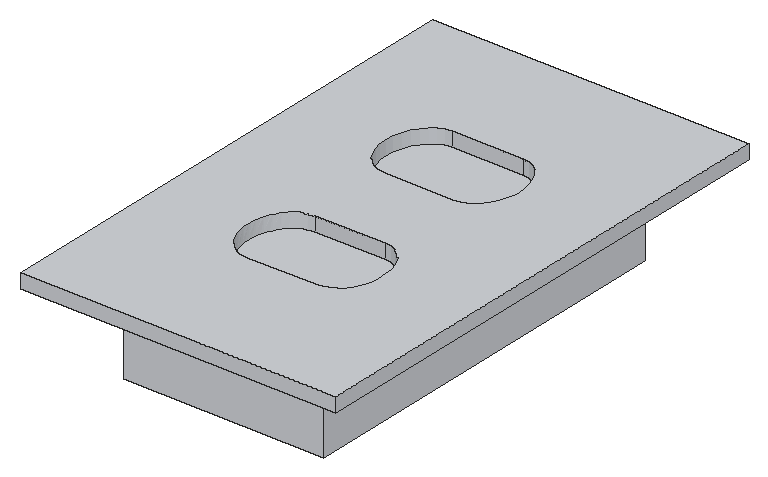
Revit family "Receptacle", category Electrical Fixtures, host Face, Revit 2025
Family settings
  Host = Face
  Round Connector Dimension = Use Diameter
  Part Type = Junction Box
  Cut with Voids When Loaded = No
  Maintain Annotation Orientation = Yes
  Shared = No
  Room Calculation Point = No
Parameters (values of type "Duplex")
  x = 0.74588"
  Width = 2 3/4"
  Symbol Distance [instance] = 0"
  Quadd = no
  Height = 4 1/2"
  er = 0.27848"
  Depth = 1/8"
  Cut Distance = 0"
  Count = 1
  Back Depth = 3/4"
  Default Elevation = 48"
  Back Width = Width - Back Margin  # 1 3/4"
  Back Margin = 1"
  Back Height = Height - Back Margin  # 3 1/2"
Types (2): name | Width | Symbol Distance | Quadd | Cut Distance | Count | Back Width
  Duplex | 2 3/4" | 0" | no | 0" | 1 | 1 3/4"
  Two Duplex | 5 1/2" | 0.14512" | yes | 1" | 2 | 4 1/2"
Reference planes (in)
  plane 1 "Center (Front/Back)": y = 0
  plane 2: z = 0
  plane 3 "Center (Left/Right)": x = 0
  plane 4: z = 0.125
  plane 5: z = -0.75
  plane 6: y = 0.75
  plane 7: x = -0.30682
  plane 8: x = 0.30682
  plane 9: y = -0.75
  plane 10: x = 0
  plane 11: y = 0.75
  plane 12: x = -0.30682
  plane 13: x = 0.30682
  plane 14: y = -0.75
  plane 15: x = 0
  plane 16: y = 0
Forms (in)
  Extrusion 1, solid
    sketch origin (0, 0, 0) x (1, 0, 0) y (0, 1, 0)
      loop
        line (-1.375, 2.25) -> (-1.375, -2.25) -> (1.375, -2.25) -> (1.375, 2.25) -> (-1.375, 2.25)
    from 0 to 0.125
  Extrusion 2, solid
    sketch origin (0, 0, 0) x (1, 0, 0) y (0, 1, 0)
      loop
        line (-0.875, 1.75) -> (-0.875, -1.75) -> (0.875, -1.75) -> (0.875, 1.75) -> (-0.875, 1.75)
    from 0 to -0.75
  Extrusion 3, void
    sketch origin (0, 0, 0) x (1, 0, 0) y (0, 1, 0)
      loop
        spline (-0.30682, 1.12294) -> (-0.3789, 1.11023) -> (-0.44606, 1.07298) -> (-0.50374, 1.01371) -> (-0.54799, 0.93647) -> (-0.57581, 0.84652) -> (-0.5853, 0.75) -> (-0.57581, 0.65348) -> (-0.54799, 0.56353) -> (-0.50374, 0.48629) -> (-0.44606, 0.42702) -> (-0.3789, 0.38977) -> (-0.30682, 0.37706)
        line (-0.30682, 0.37706) -> (0.30682, 0.37706)
        spline (0.30682, 0.37706) -> (0.3789, 0.38977) -> (0.44606, 0.42702) -> (0.50374, 0.48629) -> (0.54799, 0.56353) -> (0.57581, 0.65348) -> (0.5853, 0.75) -> (0.57581, 0.84652) -> (0.54799, 0.93647) -> (0.50374, 1.01371) -> (0.44606, 1.07298) -> (0.3789, 1.11023) -> (0.30682, 1.12294)
        line (0.30682, 1.12294) -> (-0.30682, 1.12294)
      loop
        spline (-0.30682, -0.37706) -> (-0.3789, -0.38977) -> (-0.44606, -0.42702) -> (-0.50374, -0.48629) -> (-0.54799, -0.56353) -> (-0.57581, -0.65348) -> (-0.5853, -0.75) -> (-0.57581, -0.84652) -> (-0.54799, -0.93647) -> (-0.50374, -1.01371) -> (-0.44606, -1.07298) -> (-0.3789, -1.11023) -> (-0.30682, -1.12294)
        line (-0.30682, -1.12294) -> (0.30682, -1.12294)
        spline (0.30682, -1.12294) -> (0.3789, -1.11023) -> (0.44606, -1.07298) -> (0.50374, -1.01371) -> (0.54799, -0.93647) -> (0.57581, -0.84652) -> (0.5853, -0.75) -> (0.57581, -0.65348) -> (0.54799, -0.56353) -> (0.50374, -0.48629) -> (0.44606, -0.42702) -> (0.3789, -0.38977) -> (0.30682, -0.37706)
        line (0.30682, -0.37706) -> (-0.30682, -0.37706)
    from 0.125 to 0
  Extrusion 4, void
    sketch origin (0, 0, 0) x (1, 0, 0) y (0, 1, 0)
      loop
        spline (-0.30682, 1.12294) -> (-0.3789, 1.11023) -> (-0.44606, 1.07298) -> (-0.50374, 1.01371) -> (-0.54799, 0.93647) -> (-0.57581, 0.84652) -> (-0.5853, 0.75) -> (-0.57581, 0.65348) -> (-0.54799, 0.56353) -> (-0.50374, 0.48629) -> (-0.44606, 0.42702) -> (-0.3789, 0.38977) -> (-0.30682, 0.37706)
        line (-0.30682, 0.37706) -> (0.30682, 0.37706)
        spline (0.30682, 0.37706) -> (0.3789, 0.38977) -> (0.44606, 0.42702) -> (0.50374, 0.48629) -> (0.54799, 0.56353) -> (0.57581, 0.65348) -> (0.5853, 0.75) -> (0.57581, 0.84652) -> (0.54799, 0.93647) -> (0.50374, 1.01371) -> (0.44606, 1.07298) -> (0.3789, 1.11023) -> (0.30682, 1.12294)
        line (0.30682, 1.12294) -> (-0.30682, 1.12294)
      loop
        spline (-0.30682, -0.37706) -> (-0.3789, -0.38977) -> (-0.44606, -0.42702) -> (-0.50374, -0.48629) -> (-0.54799, -0.56353) -> (-0.57581, -0.65348) -> (-0.5853, -0.75) -> (-0.57581, -0.84652) -> (-0.54799, -0.93647) -> (-0.50374, -1.01371) -> (-0.44606, -1.07298) -> (-0.3789, -1.11023) -> (-0.30682, -1.12294)
        line (-0.30682, -1.12294) -> (0.30682, -1.12294)
        spline (0.30682, -1.12294) -> (0.3789, -1.11023) -> (0.44606, -1.07298) -> (0.50374, -1.01371) -> (0.54799, -0.93647) -> (0.57581, -0.84652) -> (0.5853, -0.75) -> (0.57581, -0.65348) -> (0.54799, -0.56353) -> (0.50374, -0.48629) -> (0.44606, -0.42702) -> (0.3789, -0.38977) -> (0.30682, -0.37706)
        line (0.30682, -0.37706) -> (-0.30682, -0.37706)
    from 0.125 to 0
Cuts and joins
  Extrusion 3, Extrusion 4 cuts Extrusion 1
  Extrusion 3, Extrusion 4 cuts Extrusion 2
Dimensions and locks (in)
  equal spacing: Extrusion 1 sketch curve, plane 3 "Center (Left/Right)", Extrusion 1 sketch curve
  "Width": Extrusion 1 sketch curve to Extrusion 1 sketch curve
  "Height": Extrusion 1 sketch curve to Extrusion 1 sketch curve
  equal spacing: Extrusion 1 sketch curve, plane 1 "Center (Front/Back)", Extrusion 1 sketch curve
  "Depth": plane 4 to plane 2
  "Back Depth": plane 2 to plane 5
  plane 6 to plane 1 "Center (Front/Back)" = 3/4"
  equal spacing: Extrusion 3 sketch curve, plane 6, Extrusion 3 sketch curve
  "x": Extrusion 3 sketch curve to Extrusion 3 sketch curve  (x2)
  equal spacing: Extrusion 3 sketch curve, plane 9, Extrusion 3 sketch curve
  "er": Extrusion 3 sketch curve to Extrusion 3 sketch curve  (x4)
  equal spacing: Extrusion 2 sketch curve, plane 3 "Center (Left/Right)", Extrusion 2 sketch curve
  equal spacing: Extrusion 2 sketch curve, plane 1 "Center (Front/Back)", Extrusion 2 sketch curve
  "Back Height": Extrusion 2 sketch curve to Extrusion 2 sketch curve
  "Back Width": Extrusion 2 sketch curve to Extrusion 2 sketch curve
  equal spacing: Extrusion 4 sketch curve, plane 11, Extrusion 4 sketch curve
  "x": Extrusion 4 sketch curve to Extrusion 4 sketch curve  (x2)
  equal spacing: Extrusion 4 sketch curve, plane 14, Extrusion 4 sketch curve
  "er": Extrusion 4 sketch curve to Extrusion 4 sketch curve  (x4)
  group 1 to group 2 = 0"  (x3)
  "Cut Distance": plane 10 to plane 3 "Center (Left/Right)"
  "Cut Distance": plane 3 "Center (Left/Right)" to plane 15
  "Symbol Distance": plane 16 to plane 1 "Center (Front/Back)"
  aligned and locked: plane 2 to host face
  aligned and locked: level to host face
  aligned and locked: plane 4 to Extrusion 1
  aligned and locked: Extrusion 2 to plane 5
  aligned and locked: plane 7 to Extrusion 3 sketch curve  (x4)
  aligned and locked: plane 8 to Extrusion 3 sketch curve  (x3)
  aligned and locked: Extrusion 1 to Extrusion 3
  aligned and locked: Extrusion 3 to level
  aligned and locked: plane 12 to Extrusion 4 sketch curve  (x4)
  aligned and locked: plane 13 to Extrusion 4 sketch curve  (x3)
  aligned and locked: nested 1 to plane 16
Automatic sketch dimensions
  host sketch curve to host sketch curve = 96"  (x2)
Nested families (in)
  nested 1: "Wall Mounted" at (0, 0, 0), type "Standard"
Connectors (in)
  electrical at (0, 0, 0.125)
    settings: on Extrusion 1, index 1, voltage 0 V, apparent load 0 VA, apparent load phase1 0 VA, apparent load phase2 0 VA, apparent load phase3 0 VA, power factor 1, load classification "Other", number of poles 1, system type 31, power factor state 1, is connector primary yes, connector utility no, sub classification motor no, connector description ""
Definition of nested family "Wall Mounted"
  Parameters (values of type "Standard")
    Two Duplex = no
    Symbol Distance = 1/64"
    Diameter = 59/256"
    Center Height = Diameter * 1.5 * 0.6  # 0.20742"
  Reference planes (in)
    plane 1: y = 0
    plane 2: x = 0
  Lines and regions (in)
    detail lines
      curve 1: line (-0.03552, 0.32187, 0) -> (-0.03552, 0.01563, 0)
      curve 2: line (0.03552, 0.32187, 0) -> (0.03552, 0.01563, 0)
      curve 5: circle (0, 0.21225, 0) r 0.11523 normal (0, 0, 1)
    reference lines
      curve 3: line (-0.21695, 0.01562, 0) -> (0.23487, 0.01562, 0)
      curve 4: line (-0.15472, 0.22305, 0) -> (0.32266, 0.22305, 0)
      curve 7: line (-0.15472, 0.40183, 0) -> (-0.15472, 0.12148, 0)
      curve 8: line (0.15472, 0.40996, 0) -> (0.15472, 0.12961, 0)
    detail lines, visible <- "Two Duplex"
      curve 6: line (-0.15472, 0.25844, 0) -> (0.15472, 0.25844, 0)
      curve 9: line (-0.15472, 0.18766, 0) -> (0.15472, 0.18766, 0)
    detail lines, not visible
      curve 10: line (-0.03552, 0.30625, 0) -> (-0.03552, 0, 0)
      curve 11: line (0.03552, 0.30625, 0) -> (0.03552, 0, 0)
      curve 14: circle (0, 0.19662, 0) r 0.11523 normal (0, 0, 1)
    reference lines, not visible
      curve 12: line (-0.21695, 0, 0) -> (0.23487, 0, 0)
      curve 13: line (-0.15472, 0.20742, 0) -> (0.32266, 0.20742, 0)
      curve 16: line (-0.15472, 0.3862, 0) -> (-0.15472, 0.10585, 0)
      curve 17: line (0.15472, 0.39433, 0) -> (0.15472, 0.11398, 0)
    detail lines, visible <- "Two Duplex", not visible
      curve 15: line (-0.15472, 0.24281, 0) -> (0.15472, 0.24281, 0)
      curve 18: line (-0.15472, 0.17203, 0) -> (0.15472, 0.17203, 0)
  Dimensions and locks (in)
    "Symbol Distance": plane 1 to curve 3
